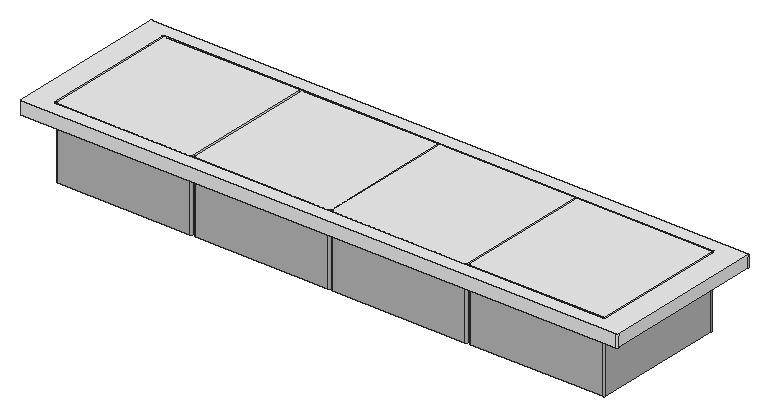
Revit family "Schneider_D-Life_4-elementos", category Electrical Fixtures, host Face, Revit 2015
Parameters (values of type "Estándar")
  Versión = "L2.00"  # constant formula
  Vacío.Espesor = 30 mm
  Tecla.Perpendicular [instance] = no
  Tecla.Anchura = 70 mm  # constant formula
  Símbolo4.dx.Control [instance] = Símbolo4.dx + 105 mm  # 165 mm
  Símbolo4.dx [instance] = 60 mm
  Símbolo3.dx.Control [instance] = Símbolo3.dx + 35 mm  # 55 mm
  Símbolo3.dx [instance] = 20 mm
  Símbolo2.dx.Control [instance] = Símbolo2.dx - 35 mm  # -55 mm
  Símbolo2.dx [instance] = -20 mm
  Símbolo1.dx.Control [instance] = Símbolo1.dx - 105 mm  # -165 mm
  Símbolo.dy [instance] = 40 mm
  Símbolo1.dx [instance] = -60 mm
  Símbolo.Simetría [instance] = no
  Símbolo.Giro [instance] = 0.00°
  Revisado por = "000"  # constant formula
  Modificado por = "000"  # constant formula
  Modelado por = "034"  # constant formula
  Marco.Tipo = Schneider_D-Life_Marco_4-elementos : Ártico
  Elemento4.Tipo = Schneider_D-Life_Mecanismo-Tecla_Accesorios-Zumbador : Timbre-Ártico
  Elemento3.Tipo = Schneider_D-Life_Mecanismo-Tecla_Accesorios-Zumbador : Timbre-Ártico
  Elemento2.Tipo = Schneider_D-Life_Mecanismo-Tecla_Accesorios-Zumbador : Timbre-Ártico
  Elemento1.Tipo = Schneider_D-Life_Mecanismo-Tecla_Accesorios-Zumbador : Timbre-Ártico
  Desfase.Z.Positivo [instance] = if(Desfase > 0 mm, Desfase, 0 mm)  # 0 mm
  Desfase.Z.Negativo [instance] = if(Desfase < 0 mm, -1 * Desfase, 0 mm)  # 0 mm
  Desfase [instance] = 0 mm
  Default Elevation = 1000 mm
  Autor.URL = "www.a3d.es"
  Autor = "A3D Consulting"  # constant formula
Reference planes
  plane 1 "Centro (Frontal/Posterior)": y = 0
  plane 2: z = 0
  plane 3 "Centro (Izquierda/Derecha)": x = 0
  plane 4 "Geometría.Z.Positivo": z = 0
  plane 5 "Geometría.Z.Negativo": z = 0
  plane 6: x = -70
  plane 7: x = 70
Forms (mm)
  Sweep 1, void
    path origin (0, 0, 0) x (1, 0, 0) y (0, 0, 1)
      loop
        line (0, 0) -> (0, -30)
    profile origin (0, 0, -15) x (0, -1, 0) y (1, 0, 0)
      loop
        line (-35, 139.6) -> (-35, -140.6) -> (34, -140.6) -> (34, 139.6) -> (-35, 139.6)
Text (mm)
  text "A3D CONSULTING INTEGRATED BIM SOLUTIONS, S.L.\n\nCONTRATO DE LICENCIA DE USUARIO FINAL\n\n\n\n\n\nAVISO A LOS USUARIOS: LEA ATENTAMENTE EL SIGUIENTE CONTRATO ANTES DE CONTINUAR. EL USO DEL CONTENIDO BIM EN FORMATO REVIT QUE SE ACOMPAÑA DEL PRESENTE ACUERDO (\"CONTENIDO BIM A3D CONSULTING\") CONSTITUYE SU ACEPTACIÓN DE ESTOS TÉRMINOS. SI USTED NO ESTÁ DE ACUERDO CON LAS CONDICIONES DE ESTE ACUERDO NO ABRA, ACCEDA DIRECTA O INDIRECTAMENTE, MODIFIQUE,  COPIE NI USE EL CONTENIDO BIM A3D CONSULTING, NI TOTAL NI PARCIALMENTE. EL USO DEL CONTENIDO BIM A3D CONSULTING POR PARTE DEL USUARIO ESTÁ CONDICIONADO AL CUMPLIMIENTO POR EL MISMO DE LOS TÉRMINOS DE ESTE ACUERDO.\n\n\n\n1.\tDEFINICIONES\n\nEste contrato de licencia de usuario final para el Contenido BIM A3D Consulting (“CLUF”) constituye un acuerdo legal entre usted como usuario final (ya sea persona física o entidad legalmente reconocida) (el \"Titular de la licencia\") y A3D CONSULTING INTEGRATED BIM SOLUTIONS, S.L. para el Contenido BIM A3D Consulting que acompaña a este CLUF. El Contenido BIM A3D CONSULTING consiste en uno o varios archivos en formato Autodesk Revit, pudiendo incluir elementos y medios asociados, así como la documentación \"en línea\" o electrónica (\"Contenido BIM A3D Consulting \").\n\n\n\n2.\tCONCESIÓN DE LA LICENCIA\n\nA3D CONSULTING INTEGRATED BIM SOLUTIONS, S.L. le concede una licencia para utilizar y modificar el contenido BIM incluido en una copia de Contenido BIM A3D Consulting.  El \"Titular de la licencia \" designa a la empresa, entidad o persona física, cuyos fondos son utilizados para pagar la cuota de licencia. \"Uso\" designa la copia, el almacenaje, la carga, la instalación o la muestra del Contenido BIM A3D Consulting. En virtud del presente, el Titular de la licencia no puede alquilar, arrendar, ceder, prestar, vender ni sublicenciar el Contenido BIM A3D Consulting a otra persona física, empresa o entidad.\n\n\n\n3.\tPROPIEDAD\n\nA3D CONSULTING INTEGRATED BIM SOLUTIONS, S.L. es el propietario y el titular del copyright del Contenido BIM A3D Consulting. La licencia adquirida no confiere al Titular de la licencia ningún título o propiedad sobre el contenido y no debe interpretarse como una venta de ningún derecho.\n\n\n\n4.\tCOPYRIGHT\n\nEl Contenido BIM A3D Consulting está protegido por las leyes españolas del copyright, las disposiciones de los tratados internacionales y otras leyes aplicables. En virtud del presente, el Titular de la licencia reconoce que no se le transfiere ningún título de la propiedad intelectual de A3D CONSULTING INTEGRATED BIM SOLUTIONS, S.L.. Además, el Titular de la licencia reconoce que el título y todos los derechos de autor sobre el Contenido BIM A3D Consulting seguirán siendo propiedad exclusiva de A3D CONSULTING INTEGRATED BIM SOLUTIONS, S.L. y no adquirirá ningún derecho sobre el Contenido BIM A3D Consulting, a excepción de lo expresamente establecido en esta licencia.\n\n\n\n5.\tRESPONSABILIDAD\n\nEn virtud del presente, el Titular de la licencia acepta que defenderá, indemnizará y eximirá a A3D CONSULTING INTEGRATED BIM SOLUTIONS, S.L. de cualesquiera reclamaciones o responsabilidades derivadas del uso, uso indebido, distribución o ejecución del Contenido BIM A3D Consulting de A3D CONSULTING INTEGRATED BIM SOLUTIONS, S.L., incluyendo las reclamaciones presentadas en contra del Titular de la licencia por el uso de dicho  contenido. Asimismo, el Titular de la licencia acepta eximir de toda responsabilidad y proteger a A3D CONSULTING INTEGRATED BIM SOLUTIONS, S.L. frente a cualquier tipo de demandas civiles, legales o penales. Las cantidades derivadas de dichos procesos, incluyendo resoluciones y costas judiciales, correrán a cargo del Titular de la licencia.\n\n\n\n6.\tGARANTÍA\n\nDurante un periodo de 30 días, a contar a partir de la fecha de entrega del producto, A3D CONSULTING INTEGRATED BIM SOLUTIONS, S.L. garantiza que dicho producto está libre de defectos en los materiales y la mano de obra. En caso de incumplimiento de esta garantía, el Titular de la licencia recibirá como  única compensación el reemplazo del producto. El Contenido BIM A3D Consulting y cualquier documentación relacionada se proporcionan \"tal cual\", sin garantía de ningún tipo, ya sea expresa o implícita, incluyendo, a título enunciativo pero no limitativo, las garantías implícitas o comerciabilidad, la idoneidad para un propósito particular o la inexistencia de infracción. Cualquier riesgo derivado del uso o los resultados del Contenido BIM A3D Consulting correrá a cargo del licenciatario.\n\n\n\n7.\tLEGISLACIÓN APLICABLE\n\nTodos los aspectos del presente Contrato se regirán e interpretarán de conformidad con la legislación vigente en España.\n\n\n\n8.\tENMIENDAS\n\nA3D CONSULTING INTEGRATED BIM SOLUTIONS, S.L. se reserva el derecho de modificar este acuerdo en cualquier momento.\n\n\n\n9.\tAPLICABILIDAD\n\nEn caso de que alguna de las disposiciones de este acuerdo fuera nula o inaplicable, las partes acuerdan que dicha invalidez no afectará a la validez de las disposiciones restantes de este acuerdo.\n\n\n\n- FIN DEL CONTRATO DE LICENCIA DE USUARIO FINAL -\n\nBarcelona / España, 15.02.2015\n\nA3D CONSULTING INTEGRATED BIM SOLUTIONS, S.L." at (-2386.934, 1015.184, 0), in view "CLUF"
Dimensions and locks
  "Desfase.Z.Negativo": level to plane 5 "Geometría.Z.Negativo"
  "Desfase.Z.Positivo": plane 4 "Geometría.Z.Positivo" to plane 5 "Geometría.Z.Negativo"
  equal spacing: plane 6, plane 3 "Centro (Izquierda/Derecha)", plane 7
  "Tecla.Anchura": plane 6 to plane 3 "Centro (Izquierda/Derecha)"
  "Vacío.Espesor": plane 4 "Geometría.Z.Positivo" to Sweep 1 sketch curve
  aligned and locked: plane 2 to host face
  aligned and locked: level to host face
  aligned and locked: plane 5 "Geometría.Z.Negativo" to Sweep 1 sketch curve
  aligned and locked: Sweep 1 sketch curve to plane 3 "Centro (Izquierda/Derecha)"
  aligned and locked: plane 1 "Centro (Frontal/Posterior)" to nested 1
  aligned and locked: plane 3 "Centro (Izquierda/Derecha)" to nested 1
  aligned and locked: plane 1 "Centro (Frontal/Posterior)" to nested 5
  aligned and locked: plane 1 "Centro (Frontal/Posterior)" to nested 4
  aligned and locked: plane 1 "Centro (Frontal/Posterior)" to nested 3
  aligned and locked: plane 1 "Centro (Frontal/Posterior)" to nested 2
Automatic sketch dimensions
  host sketch curve to host sketch curve = 1990.593 mm
  host sketch curve to host sketch curve = 2000 mm
  Sweep 1 sketch curve to Sweep 1 sketch curve = 0 mm  (x7)
  Sweep 1 sketch curve to plane 1 "Centro (Frontal/Posterior)" = 35 mm
  plane 1 "Centro (Frontal/Posterior)" to Sweep 1 sketch curve = 34 mm  (x2)
  profile plane to Sweep 1 sketch curve = 140.6 mm
  Sweep 1 sketch curve to profile plane = 139.6 mm
Nested families
  nested 1: "Schneider_D-Life_Marco_4-elementos" at (0, 0, 0), type <- "Marco.Tipo", type "Ártico"
    with Schneider.D-Life.Cost 8.28, Marco.Anchura.Control 7 mm, Marco.Anchura 84 mm
  nested 2: "Schneider_D-Life_Mecanismo-Tecla_Accesorios-Zumbador" at (35.15, 0, 0), type <- "Elemento3.Tipo", Tecla.Perpendicular <- "Tecla.Perpendicular", Símbolo.dx <- "Símbolo3.dx", Símbolo.Simetría <- "Símbolo.Simetría", Símbolo.dy <- "Símbolo.dy", Símbolo2.dx <- "Símbolo3.dx.Control", type "Timbre-Ártico"
    with Tecla.Perpendicular no, Símbolo2.dx 55 mm, Símbolo.dy 40 mm, Símbolo.dx 20 mm, Símbolo.Simetría no
  nested 3: "Schneider_D-Life_Mecanismo-Tecla_Accesorios-Zumbador" at (-34.85, 0, 0), type <- "Elemento2.Tipo", Tecla.Perpendicular <- "Tecla.Perpendicular", Símbolo.dx <- "Símbolo2.dx", Símbolo.Simetría <- "Símbolo.Simetría", Símbolo.dy <- "Símbolo.dy", Símbolo2.dx <- "Símbolo2.dx.Control", type "Timbre-Ártico"
    with Tecla.Perpendicular no, Símbolo2.dx -55 mm, Símbolo.dy 40 mm, Símbolo.dx -20 mm, Símbolo.Simetría no
  nested 4: "Schneider_D-Life_Mecanismo-Tecla_Accesorios-Zumbador" at (-105.15, 0, 0), type <- "Elemento1.Tipo", Tecla.Perpendicular <- "Tecla.Perpendicular", Símbolo.dx <- "Símbolo1.dx", Símbolo.Simetría <- "Símbolo.Simetría", Símbolo.dy <- "Símbolo.dy", Símbolo2.dx <- "Símbolo1.dx.Control", type "Timbre-Ártico"
    with Tecla.Perpendicular no, Símbolo2.dx -165 mm, Símbolo.dy 40 mm, Símbolo.dx -60 mm, Símbolo.Simetría no
  nested 5: "Schneider_D-Life_Mecanismo-Tecla_Accesorios-Zumbador" at (105.15, 0, 0), type <- "Elemento4.Tipo", Tecla.Perpendicular <- "Tecla.Perpendicular", Símbolo.dx <- "Símbolo4.dx", Símbolo.dy <- "Símbolo.dy", Símbolo.Simetría <- "Símbolo.Simetría", Símbolo2.dx <- "Símbolo4.dx.Control", type "Timbre-Ártico"
    with Tecla.Perpendicular no, Símbolo2.dx 165 mm, Símbolo.dy 40 mm, Símbolo.dx 60 mm, Símbolo.Simetría no
  nested 6: "Schneider_D-Life_Mecanismo_Accesorios_Timbre-electrónico" at (35.15, 0, 0), type "Timbre electrónico 5 melodías"
    with Símbolo2.dx 55 mm, Símbolo.dy.Control -40 mm, Símbolo.dy 40 mm, Símbolo.dx 20 mm, Símbolo.Simetría no, Símbolo.Control yes, Schneider.D-Life.Cost 60.08, Espesor 30 mm
  nested 7: "Schneider_D-Life_Tecla_Tapa_Tapa-ciega-zumbador" at (35.15, 0, 1), type "Ártico"
    with Ángulo.Control 0.00°, Tecla.Perpendicular no, Schneider.D-Life.Cost 6.3
  nested 8: "Schneider_D-Life_Mecanismo_Accesorios_Timbre-electrónico" at (-34.85, 0, 0), type "Timbre electrónico 5 melodías"
    with Símbolo2.dx -55 mm, Símbolo.dy.Control -40 mm, Símbolo.dy 40 mm, Símbolo.dx -20 mm, Símbolo.Simetría no, Símbolo.Control yes, Schneider.D-Life.Cost 60.08, Espesor 30 mm
  nested 9: "Schneider_D-Life_Tecla_Tapa_Tapa-ciega-zumbador" at (-34.85, 0, 1), type "Ártico"
    with Ángulo.Control 0.00°, Tecla.Perpendicular no, Schneider.D-Life.Cost 6.3
  nested 10: "Schneider_D-Life_Mecanismo_Accesorios_Timbre-electrónico" at (-105.15, 0, 0), type "Timbre electrónico 5 melodías"
    with Símbolo2.dx -165 mm, Símbolo.dy.Control -40 mm, Símbolo.dy 40 mm, Símbolo.dx -60 mm, Símbolo.Simetría no, Símbolo.Control yes, Schneider.D-Life.Cost 60.08, Espesor 30 mm
  nested 11: "Schneider_D-Life_Tecla_Tapa_Tapa-ciega-zumbador" at (-105.15, 0, 1), type "Ártico"
    with Ángulo.Control 0.00°, Tecla.Perpendicular no, Schneider.D-Life.Cost 6.3
  nested 12: "Schneider_D-Life_Mecanismo_Accesorios_Timbre-electrónico" at (105.15, 0, 0), type "Timbre electrónico 5 melodías"
    with Símbolo2.dx 165 mm, Símbolo.dy.Control -40 mm, Símbolo.dy 40 mm, Símbolo.dx 60 mm, Símbolo.Simetría no, Símbolo.Control yes, Schneider.D-Life.Cost 60.08, Espesor 30 mm
  nested 13: "Schneider_D-Life_Tecla_Tapa_Tapa-ciega-zumbador" at (105.15, 0, 1), type "Ártico"
    with Ángulo.Control 0.00°, Tecla.Perpendicular no, Schneider.D-Life.Cost 6.3
Definition of nested family "Schneider_D-Life_Marco_4-elementos"
  Parameters (values of type "Estándar")
    Tecla.Longitud.Control = Tecla.Longitud * 0.8 + Espesor * 0  # 56.24 mm
    Tecla.Anchura.Control = Tecla.Anchura * 0.8 + Espesor * 0  # 56 mm
    Soporte.Espesor = 1 mm
    Schneider.D-Life.Ud.Vta = ""
    Schneider.D-Life.Reference = ""
    Schneider.D-Life.Emb = ""
    Schneider.D-Life.Cost = 0
    Revisado por = "000"  # constant formula
    Modificado por = "000"  # constant formula
    Modelado por = "034"  # constant formula
    Marco.Longitud.Control = (Marco.Longitud - 4 * Tecla.Longitud) / 2  # 11.8 mm
    Marco.Longitud = 304.8 mm
    Marco.Anchura.Control = (Marco.Anchura - Tecla.Anchura) / 2  # 9.7 mm
    Marco.Anchura = 89.4 mm
    Juntas.Desfase = 0.5 mm
    Default Elevation = 1219.2 mm
    Cuerpo.Redondeo = 1 mm
    Tecla.Anchura = 70 mm
    Espesor = 5 mm
    Versión = "L2.00"  # constant formula
    Material = none
    Tecla.Longitud = 70.3 mm
    Autor.URL = "www.a3d.es"
    Autor = "A3D Consulting"  # constant formula
    Anclaje.Recrecido = 1 mm
  Reference planes
    plane 1 "Centro (Frontal/Posterior)": y = 0
    plane 2: z = 0
    plane 3 "Centro (Izquierda/Derecha)": x = 0
    plane 4 "Izquierda": x = -140.6
    plane 5 "Derecha": x = 140.6
    plane 6 "Posterior": y = 35
    plane 7 "Frontal": y = -35
    plane 8 "Tapa.Superior": z = 6
    plane 9 "Tecla.Izquierda": x = -70.3
    plane 10 "Tecla.Derecha": x = 70.3
    plane 11 "Soporte.Cota": z = 1
    plane 12: x = -105.45
    plane 13: x = -35.15
    plane 14: x = 35.15
    plane 15: x = 105.45
  Forms (mm)
    Sweep 1, solid, material <- "Material"
      path origin (0, 0, 0) x (1, 0, 0) y (0, 0, 1)
        loop
          line (0, 6) -> (0, 0)
      profile origin (0, 0, 3) x (0, -1, 0) y (1, 0, 0)
        loop
          arc (-44.7, -151.4) -> (-44.407, -152.107) -> (-43.7, -152.4) r 1
          line (-43.7, -152.4) -> (43.7, -152.4)
          arc (43.7, -152.4) -> (44.407, -152.107) -> (44.7, -151.4) r 1
          line (44.7, -151.4) -> (44.7, 151.4)
          arc (44.7, 151.4) -> (44.407, 152.107) -> (43.7, 152.4) r 1
          line (43.7, 152.4) -> (-43.7, 152.4)
          arc (-43.7, 152.4) -> (-44.407, 152.107) -> (-44.7, 151.4) r 1
          line (-44.7, 151.4) -> (-44.7, -151.4)
        loop
          arc (-35, -139.6) -> (-34.707, -140.307) -> (-34, -140.6) r 1
          line (-34, -140.6) -> (34, -140.6)
          arc (34, -140.6) -> (34.707, -140.307) -> (35, -139.6) r 1
          line (35, -139.6) -> (35, 139.6)
          arc (35, 139.6) -> (34.707, 140.307) -> (34, 140.6) r 1
          line (34, 140.6) -> (-34, 140.6)
          arc (-34, 140.6) -> (-34.707, 140.307) -> (-35, 139.6) r 1
          line (-35, 139.6) -> (-35, -139.6)
    Sweep 2, solid, material <- "Material"
      path origin (0, 0, 0) x (1, 0, 0) y (0, 0, 1)
        loop
          line (0, 1) -> (0, 0)
      profile origin (0, 0, 0.5) x (0, -1, 0) y (1, 0, 0)
        loop
          arc (-35, -139.6) -> (-34.707, -140.307) -> (-34, -140.6) r 1
          line (-34, -140.6) -> (34, -140.6)
          arc (34, -140.6) -> (34.707, -140.307) -> (35, -139.6) r 1
          line (35, -139.6) -> (35, 139.6)
          arc (35, 139.6) -> (34.707, 140.307) -> (34, 140.6) r 1
          line (34, 140.6) -> (-34, 140.6)
          arc (-34, 140.6) -> (-34.707, 140.307) -> (-35, 139.6) r 1
          line (-35, 139.6) -> (-35, -139.6)
        loop
          line (-27, -121.722) -> (-27, -132.57) -> (-16.2, -132.57) -> (-16.2, -131.57) -> (-5.4, -131.57) -> (-5.4, -133.57) -> (5.4, -133.57) -> (5.4, -131.57) -> (16.2, -131.57) -> (16.2, -132.57) -> (27, -132.57) -> (27, -121.722) -> (26, -121.722) -> (26, -110.874) -> (28, -110.874) -> (28, -100.026) -> (26, -100.026) -> (26, -89.178) -> (27, -89.178) -> (27, -78.33) -> (16.2, -78.33) -> (16.2, -79.33) -> (5.4, -79.33) -> (5.4, -77.33) -> (-5.4, -77.33) -> (-5.4, -79.33) -> (-16.2, -79.33) -> (-16.2, -78.33) -> (-27, -78.33) -> (-27, -89.178) -> (-26, -89.178) -> (-26, -100.026) -> (-28, -100.026) -> (-28, -110.874) -> (-26, -110.874) -> (-26, -121.722) -> (-27, -121.722)
        loop
          line (-27, -51.422) -> (-27, -62.27) -> (-16.2, -62.27) -> (-16.2, -61.27) -> (-5.4, -61.27) -> (-5.4, -63.27) -> (5.4, -63.27) -> (5.4, -61.27) -> (16.2, -61.27) -> (16.2, -62.27) -> (27, -62.27) -> (27, -51.422) -> (26, -51.422) -> (26, -40.574) -> (28, -40.574) -> (28, -29.726) -> (26, -29.726) -> (26, -18.878) -> (27, -18.878) -> (27, -8.03) -> (16.2, -8.03) -> (16.2, -9.03) -> (5.4, -9.03) -> (5.4, -7.03) -> (-5.4, -7.03) -> (-5.4, -9.03) -> (-16.2, -9.03) -> (-16.2, -8.03) -> (-27, -8.03) -> (-27, -18.878) -> (-26, -18.878) -> (-26, -29.726) -> (-28, -29.726) -> (-28, -40.574) -> (-26, -40.574) -> (-26, -51.422) -> (-27, -51.422)
        loop
          line (-27, 89.178) -> (-27, 78.33) -> (-16.2, 78.33) -> (-16.2, 79.33) -> (-5.4, 79.33) -> (-5.4, 77.33) -> (5.4, 77.33) -> (5.4, 79.33) -> (16.2, 79.33) -> (16.2, 78.33) -> (27, 78.33) -> (27, 89.178) -> (26, 89.178) -> (26, 100.026) -> (28, 100.026) -> (28, 110.874) -> (26, 110.874) -> (26, 121.722) -> (27, 121.722) -> (27, 132.57) -> (16.2, 132.57) -> (16.2, 131.57) -> (5.4, 131.57) -> (5.4, 133.57) -> (-5.4, 133.57) -> (-5.4, 131.57) -> (-16.2, 131.57) -> (-16.2, 132.57) -> (-27, 132.57) -> (-27, 121.722) -> (-26, 121.722) -> (-26, 110.874) -> (-28, 110.874) -> (-28, 100.026) -> (-26, 100.026) -> (-26, 89.178) -> (-27, 89.178)
        loop
          line (-27, 18.878) -> (-27, 8.03) -> (-16.2, 8.03) -> (-16.2, 9.03) -> (-5.4, 9.03) -> (-5.4, 7.03) -> (5.4, 7.03) -> (5.4, 9.03) -> (16.2, 9.03) -> (16.2, 8.03) -> (27, 8.03) -> (27, 18.878) -> (26, 18.878) -> (26, 29.726) -> (28, 29.726) -> (28, 40.574) -> (26, 40.574) -> (26, 51.422) -> (27, 51.422) -> (27, 62.27) -> (16.2, 62.27) -> (16.2, 61.27) -> (5.4, 61.27) -> (5.4, 63.27) -> (-5.4, 63.27) -> (-5.4, 61.27) -> (-16.2, 61.27) -> (-16.2, 62.27) -> (-27, 62.27) -> (-27, 51.422) -> (-26, 51.422) -> (-26, 40.574) -> (-28, 40.574) -> (-28, 29.726) -> (-26, 29.726) -> (-26, 18.878) -> (-27, 18.878)
  Text (mm)
    text "A3D CONSULTING INTEGRATED BIM SOLUTIONS, S.L.\n\nCONTRATO DE LICENCIA DE USUARIO FINAL\n\n\n\n\n\nAVISO A LOS USUARIOS: LEA ATENTAMENTE EL SIGUIENTE CONTRATO ANTES DE CONTINUAR. EL USO DEL CONTENIDO BIM EN FORMATO REVIT QUE SE ACOMPAÑA DEL PRESENTE ACUERDO (\"CONTENIDO BIM A3D CONSULTING\") CONSTITUYE SU ACEPTACIÓN DE ESTOS TÉRMINOS. SI USTED NO ESTÁ DE ACUERDO CON LAS CONDICIONES DE ESTE ACUERDO NO ABRA, ACCEDA DIRECTA O INDIRECTAMENTE, MODIFIQUE,  COPIE NI USE EL CONTENIDO BIM A3D CONSULTING, NI TOTAL NI PARCIALMENTE. EL USO DEL CONTENIDO BIM A3D CONSULTING POR PARTE DEL USUARIO ESTÁ CONDICIONADO AL CUMPLIMIENTO POR EL MISMO DE LOS TÉRMINOS DE ESTE ACUERDO.\n\n\n\n1.\tDEFINICIONES\n\nEste contrato de licencia de usuario final para el Contenido BIM A3D Consulting (“CLUF”) constituye un acuerdo legal entre usted como usuario final (ya sea persona física o entidad legalmente reconocida) (el \"Titular de la licencia\") y A3D CONSULTING INTEGRATED BIM SOLUTIONS, S.L. para el Contenido BIM A3D Consulting que acompaña a este CLUF. El Contenido BIM A3D CONSULTING consiste en uno o varios archivos en formato Autodesk Revit, pudiendo incluir elementos y medios asociados, así como la documentación \"en línea\" o electrónica (\"Contenido BIM A3D Consulting \").\n\n\n\n2.\tCONCESIÓN DE LA LICENCIA\n\nA3D CONSULTING INTEGRATED BIM SOLUTIONS, S.L. le concede una licencia para utilizar y modificar el contenido BIM incluido en una copia de Contenido BIM A3D Consulting.  El \"Titular de la licencia \" designa a la empresa, entidad o persona física, cuyos fondos son utilizados para pagar la cuota de licencia. \"Uso\" designa la copia, el almacenaje, la carga, la instalación o la muestra del Contenido BIM A3D Consulting. En virtud del presente, el Titular de la licencia no puede alquilar, arrendar, ceder, prestar, vender ni sublicenciar el Contenido BIM A3D Consulting a otra persona física, empresa o entidad.\n\n\n\n3.\tPROPIEDAD\n\nA3D CONSULTING INTEGRATED BIM SOLUTIONS, S.L. es el propietario y el titular del copyright del Contenido BIM A3D Consulting. La licencia adquirida no confiere al Titular de la licencia ningún título o propiedad sobre el contenido y no debe interpretarse como una venta de ningún derecho.\n\n\n\n4.\tCOPYRIGHT\n\nEl Contenido BIM A3D Consulting está protegido por las leyes españolas del copyright, las disposiciones de los tratados internacionales y otras leyes aplicables. En virtud del presente, el Titular de la licencia reconoce que no se le transfiere ningún título de la propiedad intelectual de A3D CONSULTING INTEGRATED BIM SOLUTIONS, S.L.. Además, el Titular de la licencia reconoce que el título y todos los derechos de autor sobre el Contenido BIM A3D Consulting seguirán siendo propiedad exclusiva de A3D CONSULTING INTEGRATED BIM SOLUTIONS, S.L. y no adquirirá ningún derecho sobre el Contenido BIM A3D Consulting, a excepción de lo expresamente establecido en esta licencia.\n\n\n\n5.\tRESPONSABILIDAD\n\nEn virtud del presente, el Titular de la licencia acepta que defenderá, indemnizará y eximirá a A3D CONSULTING INTEGRATED BIM SOLUTIONS, S.L. de cualesquiera reclamaciones o responsabilidades derivadas del uso, uso indebido, distribución o ejecución del Contenido BIM A3D Consulting de A3D CONSULTING INTEGRATED BIM SOLUTIONS, S.L., incluyendo las reclamaciones presentadas en contra del Titular de la licencia por el uso de dicho  contenido. Asimismo, el Titular de la licencia acepta eximir de toda responsabilidad y proteger a A3D CONSULTING INTEGRATED BIM SOLUTIONS, S.L. frente a cualquier tipo de demandas civiles, legales o penales. Las cantidades derivadas de dichos procesos, incluyendo resoluciones y costas judiciales, correrán a cargo del Titular de la licencia.\n\n\n\n6.\tGARANTÍA\n\nDurante un periodo de 30 días, a contar a partir de la fecha de entrega del producto, A3D CONSULTING INTEGRATED BIM SOLUTIONS, S.L. garantiza que dicho producto está libre de defectos en los materiales y la mano de obra. En caso de incumplimiento de esta garantía, el Titular de la licencia recibirá como  única compensación el reemplazo del producto. El Contenido BIM A3D Consulting y cualquier documentación relacionada se proporcionan \"tal cual\", sin garantía de ningún tipo, ya sea expresa o implícita, incluyendo, a título enunciativo pero no limitativo, las garantías implícitas o comerciabilidad, la idoneidad para un propósito particular o la inexistencia de infracción. Cualquier riesgo derivado del uso o los resultados del Contenido BIM A3D Consulting correrá a cargo del licenciatario.\n\n\n\n7.\tLEGISLACIÓN APLICABLE\n\nTodos los aspectos del presente Contrato se regirán e interpretarán de conformidad con la legislación vigente en España.\n\n\n\n8.\tENMIENDAS\n\nA3D CONSULTING INTEGRATED BIM SOLUTIONS, S.L. se reserva el derecho de modificar este acuerdo en cualquier momento.\n\n\n\n9.\tAPLICABILIDAD\n\nEn caso de que alguna de las disposiciones de este acuerdo fuera nula o inaplicable, las partes acuerdan que dicha invalidez no afectará a la validez de las disposiciones restantes de este acuerdo.\n\n\n\n- FIN DEL CONTRATO DE LICENCIA DE USUARIO FINAL -\n\nBarcelona / España, 15.02.2015\n\nA3D CONSULTING INTEGRATED BIM SOLUTIONS, S.L." at (2.016, -2, 0), in view "CLUF"
  Dimensions and locks
    equal spacing: plane 7 "Frontal", plane 1 "Centro (Frontal/Posterior)", plane 6 "Posterior"
    "Tecla.Anchura": plane 7 "Frontal" to plane 6 "Posterior"
    "Marco.Anchura.Control": Sweep 1 sketch curve to plane 6 "Posterior"
    "Marco.Anchura.Control": Sweep 1 sketch curve to plane 7 "Frontal"
    "Marco.Longitud.Control": Sweep 1 sketch curve to plane 4 "Izquierda"
    "Marco.Longitud.Control": plane 5 "Derecha" to Sweep 1 sketch curve
    equal spacing: plane 4 "Izquierda", plane 9 "Tecla.Izquierda", plane 3 "Centro (Izquierda/Derecha)", plane 10 "Tecla.Derecha", plane 5 "Derecha"
    "Tecla.Longitud": plane 9 "Tecla.Izquierda" to plane 3 "Centro (Izquierda/Derecha)"
    "Soporte.Espesor": plane 11 "Soporte.Cota" to plane 2
    "Espesor": plane 8 "Tapa.Superior" to plane 11 "Soporte.Cota"
    equal spacing: plane 4 "Izquierda", plane 12, plane 9 "Tecla.Izquierda"
    equal spacing: plane 9 "Tecla.Izquierda", plane 13, plane 3 "Centro (Izquierda/Derecha)"
    equal spacing: plane 3 "Centro (Izquierda/Derecha)", plane 14, plane 10 "Tecla.Derecha"
    equal spacing: plane 10 "Tecla.Derecha", plane 15, plane 5 "Derecha"
    equal spacing: Sweep 2 sketch curve, plane 12, Sweep 2 sketch curve
    equal spacing: Sweep 2 sketch curve, Sweep 2 sketch curve, Sweep 2 sketch curve, Sweep 2 sketch curve, Sweep 2 sketch curve, Sweep 2 sketch curve  (x8)
    equal spacing: Sweep 2 sketch curve, plane 1 "Centro (Frontal/Posterior)", Sweep 2 sketch curve
    "Anclaje.Recrecido": Sweep 2 sketch curve to Sweep 2 sketch curve  (x20)
    "Tecla.Anchura.Control": Sweep 2 sketch curve to Sweep 2 sketch curve
    "Tecla.Longitud.Control": Sweep 2 sketch curve to Sweep 2 sketch curve  (x4)
    equal spacing: Sweep 2 sketch curve, plane 13, Sweep 2 sketch curve
    equal spacing: Sweep 2 sketch curve, plane 14, Sweep 2 sketch curve
    equal spacing: Sweep 2 sketch curve, plane 15, Sweep 2 sketch curve
    "Cuerpo.Redondeo": radius of Sweep 1 sketch curve  (x8)
    "Cuerpo.Redondeo": radius of Sweep 2 sketch curve  (x4)
    aligned and locked: level to plane 2
    aligned and locked: plane 8 "Tapa.Superior" to Sweep 1 sketch curve
    aligned and locked: plane 2 to Sweep 1 sketch curve
    aligned and locked: Sweep 1 sketch curve to plane 3 "Centro (Izquierda/Derecha)"
    aligned and locked: plane 4 "Izquierda" to Sweep 1 sketch curve
    aligned and locked: Sweep 1 sketch curve to plane 7 "Frontal"
    aligned and locked: plane 5 "Derecha" to Sweep 1 sketch curve
    aligned and locked: Sweep 1 sketch curve to plane 6 "Posterior"
    aligned and locked: plane 2 to Sweep 2 sketch curve
    aligned and locked: plane 11 "Soporte.Cota" to Sweep 2 sketch curve
    aligned and locked: Sweep 2 sketch curve to plane 3 "Centro (Izquierda/Derecha)"
    aligned and locked: plane 5 "Derecha" to Sweep 2 sketch curve
    aligned and locked: Sweep 2 sketch curve to plane 7 "Frontal"
    aligned and locked: Sweep 2 sketch curve to plane 6 "Posterior"
    aligned and locked: plane 4 "Izquierda" to Sweep 2 sketch curve
    aligned and locked: Sweep 2 sketch curve to Sweep 2 sketch curve  (x82)
  Automatic sketch dimensions
    Sweep 2 sketch curve to Sweep 2 sketch curve = 2 mm
Definition of nested family "Schneider_D-Life_Mecanismo_Accesorios_Timbre-electrónico"
  Parameters (values of type "Estándar")
    Tapa.Fondo.Espesor = 5 mm
    Símbolo2.dx [instance] = 0 mm
    Símbolo.dy.Control [instance] = -Símbolo.dy - Marco.Espesor * 0  # 0 mm
    Símbolo.dy [instance] = 0 mm
    Símbolo.dx [instance] = 0 mm
    Símbolo.Simetría [instance] = yes
    Símbolo.Control [instance] = not(Símbolo.Simetría)  # no
    Schneider.D-Life.Reference = ""
    Schneider.D-Life.Cost = 0
    Revisado por = "000"  # constant formula
    Marco.Espesor = 5 mm
    Agujero.Longitud = Longitud - Marco.Espesor * 2  # 60.3 mm
    Agujero.Anchura = Anchura - Marco.Espesor * 2  # 60 mm
    Modificado por = "000"  # constant formula
    Modelado por = "034"  # constant formula
    Juntas.Desfase = 0.5 mm
    Default Elevation = 1219.2 mm
    Cuerpo.Redondeo = 1 mm
    Anchura = 70 mm
    Espesor = 20 mm
    Versión = "L2.00"  # constant formula
    Material = none
    Longitud = 70.3 mm
    Autor.URL = "www.a3d.es"
    Autor = "A3D Consulting"  # constant formula
  Reference planes
    plane 1 "Centro (Frontal/Posterior)": y = 0
    plane 2: z = 0
    plane 3 "Centro (Izquierda/Derecha)": x = 0
    plane 4 "Izquierda": x = -35.15
    plane 5 "Derecha": x = 35.15
    plane 6 "Posterior": y = 35
    plane 7 "Frontal": y = -35
    plane 8 "Tecla.Izquierda": x = -34.65
    plane 9 "Tecla.Derecha": x = 34.65
    plane 10 "Tecla.Frontal": y = -34.5
    plane 11 "Tecla.Posterior": y = 34.5
    plane 12 "Mecanismo.Inferior": z = -20
    plane 13 "Tapa.Eje": z = -15
  Forms (mm)
    Sweep 1, void
      path origin (0, 34.5, 0) x (-1, 0, 0) y (0, 0, 1)
        loop
          line (34.65, 0) -> (34.65, -20)
      profile origin (-34.65, 34.5, -10) x (0, 1, 0) y (-1, 0, 0)
        loop
          line (0, 0) -> (-1, 0)
          arc (-1, 0) -> (-0.293, -0.293) -> (0, -1) r 1
          line (0, -1) -> (0, 0)
    Sweep 2, void
      path origin (38.686, 34.5, 0) x (-1, 0, 0) y (0, 0, 1)
        loop
          line (4.036, 0) -> (4.036, -20)
      profile origin (34.65, 34.5, -10) x (0, 1, 0) y (-1, 0, 0)
        loop
          line (0, 0) -> (0, 1)
          arc (0, 1) -> (-0.293, 0.293) -> (-1, 0) r 1
          line (-1, 0) -> (0, 0)
    Sweep 3, void
      path origin (0, -34.5, 0) x (-1, 0, 0) y (0, 0, 1)
        loop
          line (34.65, 0) -> (34.65, -20)
      profile origin (-34.65, -34.5, -10) x (0, 1, 0) y (-1, 0, 0)
        loop
          line (0, 0) -> (0, -1)
          arc (0, -1) -> (0.293, -0.293) -> (1, 0) r 1
          line (1, 0) -> (0, 0)
    Sweep 4, void
      path origin (0, -34.5, 0) x (-1, 0, 0) y (0, 0, 1)
        loop
          line (-34.65, 0) -> (-34.65, -20)
      profile origin (34.65, -34.5, -10) x (0, 1, 0) y (-1, 0, 0)
        loop
          line (0, 0) -> (1, 0)
          arc (1, 0) -> (0.293, 0.293) -> (0, 1) r 1
          line (0, 1) -> (0, 0)
    Sweep 5, solid, material <- "Material"
      path origin (0, 0, 0) x (1, 0, 0) y (0, 0, 1)
        loop
          line (0, -20) -> (0, -15)
      profile origin (0, 0, -17.5) x (-1, 0, 0) y (0, -1, 0)
        loop
          line (-34.65, -34.5) -> (34.65, -34.5) -> (34.65, 34.5) -> (-34.65, 34.5) -> (-34.65, -34.5)
    Sweep 6, solid, material <- "Material"
      path origin (0, 0, 0) x (1, 0, 0) y (0, 0, 1)
        loop
          line (0, 0) -> (0, -15)
      profile origin (0, 0, -7.5) x (0, -1, 0) y (1, 0, 0)
        loop
          line (-34.5, -34.65) -> (34.5, -34.65) -> (34.5, 34.65) -> (-34.5, 34.65) -> (-34.5, -34.65)
        loop
          arc (-30, -29.15) -> (-29.707, -29.857) -> (-29, -30.15) r 1
          line (-29, -30.15) -> (29, -30.15)
          arc (29, -30.15) -> (29.707, -29.857) -> (30, -29.15) r 1
          line (30, -29.15) -> (30, 29.15)
          arc (30, 29.15) -> (29.707, 29.857) -> (29, 30.15) r 1
          line (29, 30.15) -> (-29, 30.15)
          arc (-29, 30.15) -> (-29.707, 29.857) -> (-30, 29.15) r 1
          line (-30, 29.15) -> (-30, -29.15)
  Cuts and joins
    Sweep 1, Sweep 2, Sweep 3, Sweep 4 cuts Sweep 5
    Sweep 1, Sweep 2, Sweep 3, Sweep 4 cuts Sweep 6
    joined: Sweep 5, Sweep 6
  Text (mm)
    text "A3D CONSULTING INTEGRATED BIM SOLUTIONS, S.L.\n\nCONTRATO DE LICENCIA DE USUARIO FINAL\n\n\n\n\n\nAVISO A LOS USUARIOS: LEA ATENTAMENTE EL SIGUIENTE CONTRATO ANTES DE CONTINUAR. EL USO DEL CONTENIDO BIM EN FORMATO REVIT QUE SE ACOMPAÑA DEL PRESENTE ACUERDO (\"CONTENIDO BIM A3D CONSULTING\") CONSTITUYE SU ACEPTACIÓN DE ESTOS TÉRMINOS. SI USTED NO ESTÁ DE ACUERDO CON LAS CONDICIONES DE ESTE ACUERDO NO ABRA, ACCEDA DIRECTA O INDIRECTAMENTE, MODIFIQUE,  COPIE NI USE EL CONTENIDO BIM A3D CONSULTING, NI TOTAL NI PARCIALMENTE. EL USO DEL CONTENIDO BIM A3D CONSULTING POR PARTE DEL USUARIO ESTÁ CONDICIONADO AL CUMPLIMIENTO POR EL MISMO DE LOS TÉRMINOS DE ESTE ACUERDO.\n\n\n\n1.\tDEFINICIONES\n\nEste contrato de licencia de usuario final para el Contenido BIM A3D Consulting (“CLUF”) constituye un acuerdo legal entre usted como usuario final (ya sea persona física o entidad legalmente reconocida) (el \"Titular de la licencia\") y A3D CONSULTING INTEGRATED BIM SOLUTIONS, S.L. para el Contenido BIM A3D Consulting que acompaña a este CLUF. El Contenido BIM A3D CONSULTING consiste en uno o varios archivos en formato Autodesk Revit, pudiendo incluir elementos y medios asociados, así como la documentación \"en línea\" o electrónica (\"Contenido BIM A3D Consulting \").\n\n\n\n2.\tCONCESIÓN DE LA LICENCIA\n\nA3D CONSULTING INTEGRATED BIM SOLUTIONS, S.L. le concede una licencia para utilizar y modificar el contenido BIM incluido en una copia de Contenido BIM A3D Consulting.  El \"Titular de la licencia \" designa a la empresa, entidad o persona física, cuyos fondos son utilizados para pagar la cuota de licencia. \"Uso\" designa la copia, el almacenaje, la carga, la instalación o la muestra del Contenido BIM A3D Consulting. En virtud del presente, el Titular de la licencia no puede alquilar, arrendar, ceder, prestar, vender ni sublicenciar el Contenido BIM A3D Consulting a otra persona física, empresa o entidad.\n\n\n\n3.\tPROPIEDAD\n\nA3D CONSULTING INTEGRATED BIM SOLUTIONS, S.L. es el propietario y el titular del copyright del Contenido BIM A3D Consulting. La licencia adquirida no confiere al Titular de la licencia ningún título o propiedad sobre el contenido y no debe interpretarse como una venta de ningún derecho.\n\n\n\n4.\tCOPYRIGHT\n\nEl Contenido BIM A3D Consulting está protegido por las leyes españolas del copyright, las disposiciones de los tratados internacionales y otras leyes aplicables. En virtud del presente, el Titular de la licencia reconoce que no se le transfiere ningún título de la propiedad intelectual de A3D CONSULTING INTEGRATED BIM SOLUTIONS, S.L.. Además, el Titular de la licencia reconoce que el título y todos los derechos de autor sobre el Contenido BIM A3D Consulting seguirán siendo propiedad exclusiva de A3D CONSULTING INTEGRATED BIM SOLUTIONS, S.L. y no adquirirá ningún derecho sobre el Contenido BIM A3D Consulting, a excepción de lo expresamente establecido en esta licencia.\n\n\n\n5.\tRESPONSABILIDAD\n\nEn virtud del presente, el Titular de la licencia acepta que defenderá, indemnizará y eximirá a A3D CONSULTING INTEGRATED BIM SOLUTIONS, S.L. de cualesquiera reclamaciones o responsabilidades derivadas del uso, uso indebido, distribución o ejecución del Contenido BIM A3D Consulting de A3D CONSULTING INTEGRATED BIM SOLUTIONS, S.L., incluyendo las reclamaciones presentadas en contra del Titular de la licencia por el uso de dicho  contenido. Asimismo, el Titular de la licencia acepta eximir de toda responsabilidad y proteger a A3D CONSULTING INTEGRATED BIM SOLUTIONS, S.L. frente a cualquier tipo de demandas civiles, legales o penales. Las cantidades derivadas de dichos procesos, incluyendo resoluciones y costas judiciales, correrán a cargo del Titular de la licencia.\n\n\n\n6.\tGARANTÍA\n\nDurante un periodo de 30 días, a contar a partir de la fecha de entrega del producto, A3D CONSULTING INTEGRATED BIM SOLUTIONS, S.L. garantiza que dicho producto está libre de defectos en los materiales y la mano de obra. En caso de incumplimiento de esta garantía, el Titular de la licencia recibirá como  única compensación el reemplazo del producto. El Contenido BIM A3D Consulting y cualquier documentación relacionada se proporcionan \"tal cual\", sin garantía de ningún tipo, ya sea expresa o implícita, incluyendo, a título enunciativo pero no limitativo, las garantías implícitas o comerciabilidad, la idoneidad para un propósito particular o la inexistencia de infracción. Cualquier riesgo derivado del uso o los resultados del Contenido BIM A3D Consulting correrá a cargo del licenciatario.\n\n\n\n7.\tLEGISLACIÓN APLICABLE\n\nTodos los aspectos del presente Contrato se regirán e interpretarán de conformidad con la legislación vigente en España.\n\n\n\n8.\tENMIENDAS\n\nA3D CONSULTING INTEGRATED BIM SOLUTIONS, S.L. se reserva el derecho de modificar este acuerdo en cualquier momento.\n\n\n\n9.\tAPLICABILIDAD\n\nEn caso de que alguna de las disposiciones de este acuerdo fuera nula o inaplicable, las partes acuerdan que dicha invalidez no afectará a la validez de las disposiciones restantes de este acuerdo.\n\n\n\n- FIN DEL CONTRATO DE LICENCIA DE USUARIO FINAL -\n\nBarcelona / España, 15.02.2015\n\nA3D CONSULTING INTEGRATED BIM SOLUTIONS, S.L." at (2.016, -2, 0), in view "CLUF"
  Dimensions and locks
    equal spacing: plane 4 "Izquierda", plane 3 "Centro (Izquierda/Derecha)", plane 5 "Derecha"
    "Longitud": plane 4 "Izquierda" to plane 5 "Derecha"
    equal spacing: plane 7 "Frontal", plane 1 "Centro (Frontal/Posterior)", plane 6 "Posterior"
    "Anchura": plane 7 "Frontal" to plane 6 "Posterior"
    "Juntas.Desfase": plane 7 "Frontal" to plane 10 "Tecla.Frontal"
    "Juntas.Desfase": plane 6 "Posterior" to plane 11 "Tecla.Posterior"
    "Juntas.Desfase": plane 4 "Izquierda" to plane 8 "Tecla.Izquierda"
    "Juntas.Desfase": plane 9 "Tecla.Derecha" to plane 5 "Derecha"
    "Cuerpo.Redondeo": plane 8 "Tecla.Izquierda" to Sweep 1 sketch curve
    "Cuerpo.Redondeo": plane 11 "Tecla.Posterior" to Sweep 1 sketch curve
    "Cuerpo.Redondeo": Sweep 2 sketch curve to plane 9 "Tecla.Derecha"
    "Cuerpo.Redondeo": plane 11 "Tecla.Posterior" to Sweep 2 sketch curve
    "Cuerpo.Redondeo": plane 8 "Tecla.Izquierda" to Sweep 3 sketch curve
    "Cuerpo.Redondeo": Sweep 3 sketch curve to plane 10 "Tecla.Frontal"
    "Cuerpo.Redondeo": Sweep 4 sketch curve to plane 10 "Tecla.Frontal"
    "Cuerpo.Redondeo": Sweep 4 sketch curve to plane 9 "Tecla.Derecha"
    "Espesor": plane 2 to plane 12 "Mecanismo.Inferior"
    "Tapa.Fondo.Espesor": plane 13 "Tapa.Eje" to plane 12 "Mecanismo.Inferior"
    equal spacing: Sweep 6 sketch curve, plane 3 "Centro (Izquierda/Derecha)", Sweep 6 sketch curve
    "Agujero.Longitud": Sweep 6 sketch curve to Sweep 6 sketch curve
    equal spacing: Sweep 6 sketch curve, plane 1 "Centro (Frontal/Posterior)", Sweep 6 sketch curve
    "Agujero.Anchura": Sweep 6 sketch curve to Sweep 6 sketch curve
    "Cuerpo.Redondeo": radius of Sweep 1 sketch curve
    "Cuerpo.Redondeo": radius of Sweep 2 sketch curve
    "Cuerpo.Redondeo": radius of Sweep 3 sketch curve
    "Cuerpo.Redondeo": radius of Sweep 4 sketch curve
    "Cuerpo.Redondeo": radius of Sweep 6 sketch curve  (x4)
    aligned and locked: level to plane 2
    aligned and locked: Sweep 1 sketch curve to plane 8 "Tecla.Izquierda"
    aligned and locked: plane 8 "Tecla.Izquierda" to Sweep 1 sketch curve
    aligned and locked: Sweep 1 sketch curve to plane 11 "Tecla.Posterior"
    aligned and locked: Sweep 2 sketch curve to plane 9 "Tecla.Derecha"
    aligned and locked: plane 11 "Tecla.Posterior" to Sweep 2 sketch curve
    aligned and locked: plane 9 "Tecla.Derecha" to Sweep 2 sketch curve
    aligned and locked: Sweep 3 sketch curve to plane 8 "Tecla.Izquierda"  (x2)
    aligned and locked: Sweep 4 sketch curve to plane 9 "Tecla.Derecha"  (x2)
    aligned and locked: Sweep 3 sketch curve to plane 10 "Tecla.Frontal"
    aligned and locked: plane 10 "Tecla.Frontal" to Sweep 4 sketch curve
    aligned and locked: Sweep 5 sketch curve to plane 3 "Centro (Izquierda/Derecha)"
    aligned and locked: plane 13 "Tapa.Eje" to Sweep 6 sketch curve
    aligned and locked: Sweep 6 sketch curve to plane 3 "Centro (Izquierda/Derecha)"
    aligned and locked: plane 10 "Tecla.Frontal" to Sweep 6 sketch curve
    aligned and locked: Sweep 6 sketch curve to plane 9 "Tecla.Derecha"
    aligned and locked: Sweep 6 sketch curve to plane 11 "Tecla.Posterior"
    aligned and locked: plane 8 "Tecla.Izquierda" to Sweep 6 sketch curve
    aligned and locked: plane 12 "Mecanismo.Inferior" to Sweep 5 sketch curve
    aligned and locked: plane 13 "Tapa.Eje" to Sweep 5 sketch curve
    aligned and locked: plane 2 to Sweep 6 sketch curve
    aligned and locked: plane 12 "Mecanismo.Inferior" to Sweep 3 sketch curve
    aligned and locked: plane 2 to Sweep 3 sketch curve
    aligned and locked: plane 12 "Mecanismo.Inferior" to Sweep 1 sketch curve
    aligned and locked: plane 2 to Sweep 1 sketch curve
    aligned and locked: plane 12 "Mecanismo.Inferior" to Sweep 4 sketch curve
    aligned and locked: plane 2 to Sweep 4 sketch curve
    aligned and locked: plane 12 "Mecanismo.Inferior" to Sweep 2 sketch curve
    aligned and locked: plane 2 to Sweep 2 sketch curve
    aligned and locked: Sweep 5 sketch curve to plane 11 "Tecla.Posterior"
    aligned and locked: plane 8 "Tecla.Izquierda" to Sweep 5 sketch curve
    aligned and locked: Sweep 5 sketch curve to plane 9 "Tecla.Derecha"
    aligned and locked: plane 10 "Tecla.Frontal" to Sweep 5 sketch curve
  Nested families
    nested 1: "Schneider_Símbolo_Timbre" at (0, 0, 0) x (0, 1, 0) z (1, 0, 0), Desfase.X <- "Símbolo2.dx", Desfase.Y <- "Símbolo.dy", visible <- "Símbolo.Control", Visibilidad <- "Símbolo.Control", type "Estándar"
      with Visibilidad no, Desfase.Y.Positivo 0 mm, Desfase.Y.Negativo 0 mm, Desfase.Y 0 mm, Desfase.X.Positivo 0 mm, Desfase.X.Negativo 0 mm, Desfase.X 0 mm
    nested 2: "Schneider_Símbolo_Timbre" at (0, 0, 0) x (1, 0, 0) z (0, -1, 0), Desfase.X <- "Símbolo.dx", Desfase.Y <- "Símbolo.dy", visible <- "Símbolo.Control", Visibilidad <- "Símbolo.Control", type "Estándar"
      with Visibilidad no, Desfase.Y.Positivo 0 mm, Desfase.Y.Negativo 0 mm, Desfase.Y 0 mm, Desfase.X.Positivo 0 mm, Desfase.X.Negativo 0 mm, Desfase.X 0 mm
    nested 3: "Schneider_Símbolo_Timbre" at (0, 0, 100) x (0, 1, 0) z (1, 0, 0), Desfase.X <- "Símbolo2.dx", Desfase.Y <- "Símbolo.dy.Control", visible <- "Símbolo.Simetría", Visibilidad <- "Símbolo.Simetría", type "Estándar"
      with Visibilidad yes, Desfase.Y.Positivo 0 mm, Desfase.Y.Negativo 0 mm, Desfase.Y 0 mm, Desfase.X.Positivo 0 mm, Desfase.X.Negativo 0 mm, Desfase.X 0 mm
    nested 4: "Schneider_Símbolo_Timbre" at (0, 0, 100) x (1, 0, 0) z (0, -1, 0), Desfase.X <- "Símbolo.dx", Desfase.Y <- "Símbolo.dy.Control", Visibilidad <- "Símbolo.Simetría", visible <- "Símbolo.Simetría", type "Estándar"
      with Visibilidad yes, Desfase.Y.Positivo 0 mm, Desfase.Y.Negativo 0 mm, Desfase.Y 0 mm, Desfase.X.Positivo 0 mm, Desfase.X.Negativo 0 mm, Desfase.X 0 mm
  Definition of nested family "Schneider_Símbolo_Timbre"
    Parameters (values of type "Estándar")
      Versión = "L2.00"  # constant formula
      Desfase.Y [instance] = 0 mm
      Desfase.X [instance] = 0 mm
      Visibilidad [instance] = yes
      Revisado por = "000"  # constant formula
      Modificado por = "000"  # constant formula
      Modelado por = "000"  # constant formula
      Desfase.Y.Negativo [instance] = if(Desfase.Y < 0 mm, -1 * Desfase.Y, 0 mm)  # 0 mm
      Desfase.Y.Positivo [instance] = if(Desfase.Y > 0 mm, Desfase.Y, 0 mm)  # 0 mm
      Desfase.X.Negativo [instance] = if(Desfase.X < 0 mm, -1 * Desfase.X, 0 mm)  # 0 mm
      Desfase.X.Positivo [instance] = if(Desfase.X > 0 mm, Desfase.X, 0 mm)  # 0 mm
      Autor.URL = "www.a3d.es"
      Autor = "A3D Consulting"  # constant formula
    Reference planes
      plane 1 "Center (Front/Back)": y = 0
      plane 2: z = 0
      plane 3 "Center (Left/Right)": x = 0
      plane 4 "X.Positivo": x = 0
      plane 5 "X.Negativo": x = 0
      plane 6 "Y.Negativo": y = 0
      plane 7 "Y.Positivo": y = 0
    Lines and regions (mm)
      reference lines, in view "Ref. Level", not visible
        curve 1: line (0, 0, 0) -> (25, 0, 0)
      detail lines, in view "Ref. Level", not visible
        curve 2: circle (290.626, 267.526, 0) r 7.463 normal (0, 0, 1)
        curve 3: line (277.5, 299.89, 0) -> (322.5, 299.89, 0)
        curve 4: line (277.5, 254.89, 0) -> (277.5, 299.89, 0)
        curve 5: line (322.5, 254.89, 0) -> (277.5, 254.89, 0)
        curve 6: line (322.5, 299.89, 0) -> (322.5, 254.89, 0)
        curve 7: line (294.69, 273.786, 0) -> (309.688, 296.88, 0)
        curve 8: line (309.688, 296.88, 0) -> (317.009, 292.126, 0)
      detail lines, in view "Ref. Level", visible <- "Visibilidad"
        curve 9: line (-50, 100, 0) -> (50, 100, 0)
        curve 10: line (-50, 0, 0) -> (-50, 100, 0)
        curve 11: line (50, 0, 0) -> (-50, 0, 0)
        curve 12: line (50, 100, 0) -> (50, 0, 0)
        curve 13: line (-18.352, 30.209, 0) -> (-18.352, 54.195, 0)
        curve 14: line (18.352, 30.209, 0) -> (18.352, 54.195, 0)
        curve 15: line (28.352, 54.195, 0) -> (-28.352, 54.195, 0)
        curve 16: arc (28.352, 54.195, 0) -> (0, 76.266, 0) -> (-28.352, 54.195, 0) r 29.245
    Text (mm)
      text "A3D CONSULTING INTEGRATED BIM SOLUTIONS, S.L.\n\nCONTRATO DE LICENCIA DE USUARIO FINAL\n\n\n\n\n\nAVISO A LOS USUARIOS: LEA ATENTAMENTE EL SIGUIENTE CONTRATO ANTES DE CONTINUAR. EL USO DEL CONTENIDO BIM EN FORMATO REVIT QUE SE ACOMPAÑA DEL PRESENTE ACUERDO (\"CONTENIDO BIM A3D CONSULTING\") CONSTITUYE SU ACEPTACIÓN DE ESTOS TÉRMINOS. SI USTED NO ESTÁ DE ACUERDO CON LAS CONDICIONES DE ESTE ACUERDO NO ABRA, ACCEDA DIRECTA O INDIRECTAMENTE, MODIFIQUE,  COPIE NI USE EL CONTENIDO BIM A3D CONSULTING, NI TOTAL NI PARCIALMENTE. EL USO DEL CONTENIDO BIM A3D CONSULTING POR PARTE DEL USUARIO ESTÁ CONDICIONADO AL CUMPLIMIENTO POR EL MISMO DE LOS TÉRMINOS DE ESTE ACUERDO.\n\n\n\n1.\tDEFINICIONES\n\nEste contrato de licencia de usuario final para el Contenido BIM A3D Consulting (“CLUF”) constituye un acuerdo legal entre usted como usuario final (ya sea persona física o entidad legalmente reconocida) (el \"Titular de la licencia\") y A3D CONSULTING INTEGRATED BIM SOLUTIONS, S.L. para el Contenido BIM A3D Consulting que acompaña a este CLUF. El Contenido BIM A3D CONSULTING consiste en uno o varios archivos en formato Autodesk Revit, pudiendo incluir elementos y medios asociados, así como la documentación \"en línea\" o electrónica (\"Contenido BIM A3D Consulting \").\n\n\n\n2.\tCONCESIÓN DE LA LICENCIA\n\nA3D CONSULTING INTEGRATED BIM SOLUTIONS, S.L. le concede una licencia para utilizar y modificar el contenido BIM incluido en una copia de Contenido BIM A3D Consulting.  El \"Titular de la licencia \" designa a la empresa, entidad o persona física, cuyos fondos son utilizados para pagar la cuota de licencia. \"Uso\" designa la copia, el almacenaje, la carga, la instalación o la muestra del Contenido BIM A3D Consulting. En virtud del presente, el Titular de la licencia no puede alquilar, arrendar, ceder, prestar, vender ni sublicenciar el Contenido BIM A3D Consulting a otra persona física, empresa o entidad.\n\n\n\n3.\tPROPIEDAD\n\nA3D CONSULTING INTEGRATED BIM SOLUTIONS, S.L. es el propietario y el titular del copyright del Contenido BIM A3D Consulting. La licencia adquirida no confiere al Titular de la licencia ningún título o propiedad sobre el contenido y no debe interpretarse como una venta de ningún derecho.\n\n\n\n4.\tCOPYRIGHT\n\nEl Contenido BIM A3D Consulting está protegido por las leyes españolas del copyright, las disposiciones de los tratados internacionales y otras leyes aplicables. En virtud del presente, el Titular de la licencia reconoce que no se le transfiere ningún título de la propiedad intelectual de A3D CONSULTING INTEGRATED BIM SOLUTIONS, S.L.. Además, el Titular de la licencia reconoce que el título y todos los derechos de autor sobre el Contenido BIM A3D Consulting seguirán siendo propiedad exclusiva de A3D CONSULTING INTEGRATED BIM SOLUTIONS, S.L. y no adquirirá ningún derecho sobre el Contenido BIM A3D Consulting, a excepción de lo expresamente establecido en esta licencia.\n\n\n\n5.\tRESPONSABILIDAD\n\nEn virtud del presente, el Titular de la licencia acepta que defenderá, indemnizará y eximirá a A3D CONSULTING INTEGRATED BIM SOLUTIONS, S.L. de cualesquiera reclamaciones o responsabilidades derivadas del uso, uso indebido, distribución o ejecución del Contenido BIM A3D Consulting de A3D CONSULTING INTEGRATED BIM SOLUTIONS, S.L., incluyendo las reclamaciones presentadas en contra del Titular de la licencia por el uso de dicho  contenido. Asimismo, el Titular de la licencia acepta eximir de toda responsabilidad y proteger a A3D CONSULTING INTEGRATED BIM SOLUTIONS, S.L. frente a cualquier tipo de demandas civiles, legales o penales. Las cantidades derivadas de dichos procesos, incluyendo resoluciones y costas judiciales, correrán a cargo del Titular de la licencia.\n\n\n\n6.\tGARANTÍA\n\nDurante un periodo de 30 días, a contar a partir de la fecha de entrega del producto, A3D CONSULTING INTEGRATED BIM SOLUTIONS, S.L. garantiza que dicho producto está libre de defectos en los materiales y la mano de obra. En caso de incumplimiento de esta garantía, el Titular de la licencia recibirá como  única compensación el reemplazo del producto. El Contenido BIM A3D Consulting y cualquier documentación relacionada se proporcionan \"tal cual\", sin garantía de ningún tipo, ya sea expresa o implícita, incluyendo, a título enunciativo pero no limitativo, las garantías implícitas o comerciabilidad, la idoneidad para un propósito particular o la inexistencia de infracción. Cualquier riesgo derivado del uso o los resultados del Contenido BIM A3D Consulting correrá a cargo del licenciatario.\n\n\n\n7.\tLEGISLACIÓN APLICABLE\n\nTodos los aspectos del presente Contrato se regirán e interpretarán de conformidad con la legislación vigente en España.\n\n\n\n8.\tENMIENDAS\n\nA3D CONSULTING INTEGRATED BIM SOLUTIONS, S.L. se reserva el derecho de modificar este acuerdo en cualquier momento.\n\n\n\n9.\tAPLICABILIDAD\n\nEn caso de que alguna de las disposiciones de este acuerdo fuera nula o inaplicable, las partes acuerdan que dicha invalidez no afectará a la validez de las disposiciones restantes de este acuerdo.\n\n\n\n- FIN DEL CONTRATO DE LICENCIA DE USUARIO FINAL -\n\nBarcelona / España, 15.02.2015\n\nA3D CONSULTING INTEGRATED BIM SOLUTIONS, S.L." at (-1988.729, -511.825, 0), in view "Ref. Level"
      text "Esta Família es un detalle genérico y la categoría de las lineas es \"elemento de Detalle\".\n\nSi se quiere generar un detalle específico para una familia, hay que crear la subcategoria pertinente (Por ej. IE.ALUM, si fuera para un detalle de Alumbrado)" at (-498.677, 771.012, 0), in view "Ref. Level"
    Dimensions and locks
      "Desfase.X.Negativo": plane 5 "X.Negativo" to plane 3 "Center (Left/Right)"
      "Desfase.X.Positivo": plane 5 "X.Negativo" to plane 4 "X.Positivo"
      "Desfase.Y.Negativo": plane 6 "Y.Negativo" to plane 1 "Center (Front/Back)"
      "Desfase.Y.Positivo": plane 6 "Y.Negativo" to plane 7 "Y.Positivo"
      aligned and locked: plane 4 "X.Positivo" to curve 1
      aligned and locked: plane 7 "Y.Positivo" to curve 1
    Automatic sketch dimensions
      curve 1 to curve 1 = 25 mm
      curve 11 to curve 1 = 0 mm
      curve 11 to curve 1 = 50 mm
      curve 1 to curve 9 = 25 mm
      curve 1 to curve 10 = 100 mm
      curve 16 to curve 1 = 0 mm
      curve 1 to curve 16 = 47.021 mm
      curve 16 to curve 13 = 10 mm
      curve 14 to curve 1 = 6.648 mm
      curve 1 to curve 15 = 3.352 mm
      curve 1 to curve 13 = 30.209 mm
      curve 1 to curve 14 = 30.209 mm
      curve 13 to curve 16 = 23.986 mm
Definition of nested family "Schneider_D-Life_Tecla_Tapa_Tapa-ciega-zumbador"
  Parameters (values of type "Estándar")
    Ángulo.Control [instance] = if(Tecla.Perpendicular, 90.00°, 0.00°)  # 0.00°
    Version = "L2.00"  # constant formula
    Tecla.Perpendicular [instance] = no
    Schneider.D-Life.Reference = ""
    Schneider.D-Life.Cost = 0
    Revisado por = "000"  # constant formula
    Modificado por = "000"  # constant formula
    Modelado por = "034"  # constant formula
    Material = none
    Longitud = 70.3 mm
    Juntas.Desfase = 0.5 mm
    Espesor = 5 mm
    Default Elevation = 1219.2 mm
    Cuerpo.Redondeo = 1 mm
    Autor.URL = "www.a3d.es"
    Autor = "A3D Consulting"  # constant formula
    Anchura = 70 mm
  Reference planes
    plane 1 "Centro (Frontal/Posterior)": y = 0
    plane 2: z = 0
    plane 3 "Centro (Izquierda/Derecha)": x = 0
    plane 4 "Superior": z = 200
    plane 5 "Inferior": z = -200
  Lines and regions (mm)
    reference lines
      curve 1: line (0, 0, 0) -> (700, 0, 0)
      curve 2: line (0, 0, 0) -> (0, 240, 0)
  Text (mm)
    text "A3D CONSULTING INTEGRATED BIM SOLUTIONS, S.L.\n\nCONTRATO DE LICENCIA DE USUARIO FINAL\n\n\n\n\n\nAVISO A LOS USUARIOS: LEA ATENTAMENTE EL SIGUIENTE CONTRATO ANTES DE CONTINUAR. EL USO DEL CONTENIDO BIM EN FORMATO REVIT QUE SE ACOMPAÑA DEL PRESENTE ACUERDO (\"CONTENIDO BIM A3D CONSULTING\") CONSTITUYE SU ACEPTACIÓN DE ESTOS TÉRMINOS. SI USTED NO ESTÁ DE ACUERDO CON LAS CONDICIONES DE ESTE ACUERDO NO ABRA, ACCEDA DIRECTA O INDIRECTAMENTE, MODIFIQUE,  COPIE NI USE EL CONTENIDO BIM A3D CONSULTING, NI TOTAL NI PARCIALMENTE. EL USO DEL CONTENIDO BIM A3D CONSULTING POR PARTE DEL USUARIO ESTÁ CONDICIONADO AL CUMPLIMIENTO POR EL MISMO DE LOS TÉRMINOS DE ESTE ACUERDO.\n\n\n\n1.\tDEFINICIONES\n\nEste contrato de licencia de usuario final para el Contenido BIM A3D Consulting (“CLUF”) constituye un acuerdo legal entre usted como usuario final (ya sea persona física o entidad legalmente reconocida) (el \"Titular de la licencia\") y A3D CONSULTING INTEGRATED BIM SOLUTIONS, S.L. para el Contenido BIM A3D Consulting que acompaña a este CLUF. El Contenido BIM A3D CONSULTING consiste en uno o varios archivos en formato Autodesk Revit, pudiendo incluir elementos y medios asociados, así como la documentación \"en línea\" o electrónica (\"Contenido BIM A3D Consulting \").\n\n\n\n2.\tCONCESIÓN DE LA LICENCIA\n\nA3D CONSULTING INTEGRATED BIM SOLUTIONS, S.L. le concede una licencia para utilizar y modificar el contenido BIM incluido en una copia de Contenido BIM A3D Consulting.  El \"Titular de la licencia \" designa a la empresa, entidad o persona física, cuyos fondos son utilizados para pagar la cuota de licencia. \"Uso\" designa la copia, el almacenaje, la carga, la instalación o la muestra del Contenido BIM A3D Consulting. En virtud del presente, el Titular de la licencia no puede alquilar, arrendar, ceder, prestar, vender ni sublicenciar el Contenido BIM A3D Consulting a otra persona física, empresa o entidad.\n\n\n\n3.\tPROPIEDAD\n\nA3D CONSULTING INTEGRATED BIM SOLUTIONS, S.L. es el propietario y el titular del copyright del Contenido BIM A3D Consulting. La licencia adquirida no confiere al Titular de la licencia ningún título o propiedad sobre el contenido y no debe interpretarse como una venta de ningún derecho.\n\n\n\n4.\tCOPYRIGHT\n\nEl Contenido BIM A3D Consulting está protegido por las leyes españolas del copyright, las disposiciones de los tratados internacionales y otras leyes aplicables. En virtud del presente, el Titular de la licencia reconoce que no se le transfiere ningún título de la propiedad intelectual de A3D CONSULTING INTEGRATED BIM SOLUTIONS, S.L.. Además, el Titular de la licencia reconoce que el título y todos los derechos de autor sobre el Contenido BIM A3D Consulting seguirán siendo propiedad exclusiva de A3D CONSULTING INTEGRATED BIM SOLUTIONS, S.L. y no adquirirá ningún derecho sobre el Contenido BIM A3D Consulting, a excepción de lo expresamente establecido en esta licencia.\n\n\n\n5.\tRESPONSABILIDAD\n\nEn virtud del presente, el Titular de la licencia acepta que defenderá, indemnizará y eximirá a A3D CONSULTING INTEGRATED BIM SOLUTIONS, S.L. de cualesquiera reclamaciones o responsabilidades derivadas del uso, uso indebido, distribución o ejecución del Contenido BIM A3D Consulting de A3D CONSULTING INTEGRATED BIM SOLUTIONS, S.L., incluyendo las reclamaciones presentadas en contra del Titular de la licencia por el uso de dicho  contenido. Asimismo, el Titular de la licencia acepta eximir de toda responsabilidad y proteger a A3D CONSULTING INTEGRATED BIM SOLUTIONS, S.L. frente a cualquier tipo de demandas civiles, legales o penales. Las cantidades derivadas de dichos procesos, incluyendo resoluciones y costas judiciales, correrán a cargo del Titular de la licencia.\n\n\n\n6.\tGARANTÍA\n\nDurante un periodo de 30 días, a contar a partir de la fecha de entrega del producto, A3D CONSULTING INTEGRATED BIM SOLUTIONS, S.L. garantiza que dicho producto está libre de defectos en los materiales y la mano de obra. En caso de incumplimiento de esta garantía, el Titular de la licencia recibirá como  única compensación el reemplazo del producto. El Contenido BIM A3D Consulting y cualquier documentación relacionada se proporcionan \"tal cual\", sin garantía de ningún tipo, ya sea expresa o implícita, incluyendo, a título enunciativo pero no limitativo, las garantías implícitas o comerciabilidad, la idoneidad para un propósito particular o la inexistencia de infracción. Cualquier riesgo derivado del uso o los resultados del Contenido BIM A3D Consulting correrá a cargo del licenciatario.\n\n\n\n7.\tLEGISLACIÓN APLICABLE\n\nTodos los aspectos del presente Contrato se regirán e interpretarán de conformidad con la legislación vigente en España.\n\n\n\n8.\tENMIENDAS\n\nA3D CONSULTING INTEGRATED BIM SOLUTIONS, S.L. se reserva el derecho de modificar este acuerdo en cualquier momento.\n\n\n\n9.\tAPLICABILIDAD\n\nEn caso de que alguna de las disposiciones de este acuerdo fuera nula o inaplicable, las partes acuerdan que dicha invalidez no afectará a la validez de las disposiciones restantes de este acuerdo.\n\n\n\n- FIN DEL CONTRATO DE LICENCIA DE USUARIO FINAL -\n\nBarcelona / España, 15.02.2015\n\nA3D CONSULTING INTEGRATED BIM SOLUTIONS, S.L." at (2.016, -2, 0), in view "CLUF"
  Dimensions and locks
    plane 4 "Superior" to level = 200 mm
    locked: curve 1 to curve 2 (angle 90.00°)
    "Ángulo.Control": angle curve 2 to plane 3 "Centro (Izquierda/Derecha)"
    aligned and locked: level to plane 2
    aligned and locked: plane 1 "Centro (Frontal/Posterior)" to curve 2
    aligned and locked: plane 3 "Centro (Izquierda/Derecha)" to curve 2
    aligned and locked: nested 1 to curve 1
    aligned and locked: nested 1 to curve 2
  Nested families
    nested 1: "Schneider_D-Life_Cuerpo-tecla_Tecla-simple_M02" at (0, 0, 0), Material <- "Material", Anchura <- "Anchura", Espesor <- "Espesor", Longitud <- "Longitud", Cuerpo.Redondeo <- "Cuerpo.Redondeo", Juntas.Desfase <- "Juntas.Desfase", type "Estándar"
      with Material none, Longitud 70.3 mm, Juntas.Desfase 0.5 mm, Espesor 5 mm, Cuerpo.Redondeo 1 mm, Anchura 70 mm
  Definition of nested family "Schneider_D-Life_Cuerpo-tecla_Tecla-simple_M02"
    Parameters (values of type "Estándar")
      Revisado por = "000"  # constant formula
      Modificado por = "000"  # constant formula
      Modelado por = "034"  # constant formula
      Juntas.Desfase [instance] = 0.5 mm
      Default Elevation = 1219.2 mm
      Cuerpo.Redondeo [instance] = 1 mm
      Anchura [instance] = 70 mm
      Espesor [instance] = 5 mm
